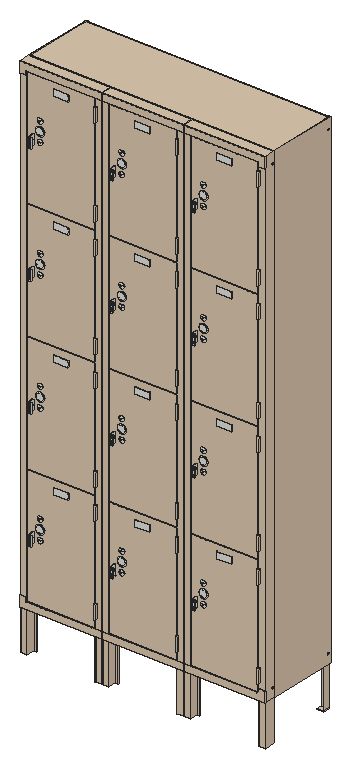
Revit family "Metal_Vented_Lockers-Salsbury_Industries-74000_Series-3_Wide_Units", category Specialty Equipment, Revit 2026
Family settings
  Round Connector Dimension = Use Diameter
  Part Type = Normal
  Classification Number = 23.40.00.00
  Work Plane-Based = No
  Enable Cutting in Views = No
  Always vertical = Yes
  Cut with Voids When Loaded = No
  Maintain Annotation Orientation = No
  Shared = No
  Room Calculation Point = No
Parameters (values of type "74362 - with Standard 6" High Legs")
  Zee Base Corner - Right Side [instance] = Metal Locker Zee Base Corner : None
  Zee Base Corner - Left Side [instance] = Metal Locker Zee Base Corner : None
  Zee Base - Right Side [instance] = Metal Locker Zee Base-Right Side : None
  Zee Base - Left Side [instance] = Metal Locker Zee Base-Left Side : None
  Zee Base = Metal Locker Zee Base - 3 Wide : None
  Width = 36.040"
  Version = "2.0 (01/30/18)"
  Vent Offset = if(Depth = 12.010", 3.250", if(Depth = 15.010", 3.500", if(Depth = 18.010", 3.750", 0.000")))  # 3.250"
  Vent Configuration Height = Vents : 6 foot high vents
  Vent Array Spacing = 1.187"
  Vent Array 2 = if(Depth = 12.010", 5, if(Depth = 15.010", 7, if(Depth = 18.010", 9, 0)))  # 5
  Vent Array 1 = Vent Array 2 + 1  # 6
  Unit Height including Sloping Hood Only [instance] = 78.625"
  Unit Height = 72.000"
  URL = "www.lockers.com"
  Type Comments = "12\" Wide Vented Metal Locker - Four Tier"
  Total Door(s) Height [instance] = 69.81949"
  Test Data = "https://www.lockers.com/videolibrary/"
  Specification = "https://www.lockers.com/architect-resources//"
  Sloping Top In-Line Filler - Right Side [instance] = Metal Locker Sloping Top Filler : None
  Sloping Top In-Line Filler - Left Side [instance] = Metal Locker Sloping Top Filler : None
  Sloping Top Corner Filler - Right Side [instance] = Metal Locker Sloping Corner Filler : None
  Sloping Top Corner Filler - Left Side [instance] = Metal Locker Sloping Corner Filler : None
  Sloping Hood Height = if(Depth = 12.010", 6.625", if(Depth = 15.010", 8.682", if(Depth = 18.010", 10.739", 0.000")))  # 6.625"
  Sloping Hood [instance] = Metal Locker Sloping Hood : None
  Sales Information = "https://www.lockers.com/request_a_quote/"
  Revision = "R1_2018-10"
  Product Data = "https://www.lockers.com/downloads__catalog/"
  Manufacturer Website = "https://www.lockers.com/"
  Manufacturer Phone - Toll Free = "1-800-562-5377"
  Manufacturer Phone = "(323) 846-6700"
  Manufacturer Fax = "1-800-562-5399"
  Manufacturer Address = "1010 East 62nd Street, Los Angeles, CA 90001-1598"
  Keynote = "10 51 00"
  Installation-Fabrication = "https://www.lockers.com/downloads__installation_instructions/"
  Green Building-LEED = "https://www.arcat.com/green/green_building.shtml"
  Drawn By = ""
  Default Elevation = 0.000"
  Copyright = ""
  Construction Details = "https://www.lockers.com/downloads__catalog/"
  Compartment Divider Height = Individual Door Height - 0.375"  # 16.985"
  Right Side Base [instance] = Metal Locker Right Side Base : None
  Primary Structure Material [instance] = Steel - Salsbury Finish = Tan
  Overall Width including Rivets [instance] = 36.120"
  Unit Height including Base Only [instance] = 78.000"
  Overall Unit Height (including Base and Sloping Hood) [instance] = 84.625"
  OmniClass 23 Title = "Equipment and Furnishings"
  OmniClass 23 Number = "23.40.00.00"
  Model = "74362"
  MasterFormat Title = "Lockers"
  MasterFormat Number = "10 51 13"
  Manufacturer = "Salsbury Industries"
  Left Side Base [instance] = Metal Locker Left Side Base : None
  Individual Door Height = 17.360"
  Hasp Plate Rivet Material = Steel -Salsbury Finish =  Polished Steel
  Hasp Handle Material = Plastic - Salsbury Finish - Black
  Front Vertical Filler - Right [instance] = Metal Locker Front Filler : None
  Front Vertical Filler - Left [instance] = Metal Locker Front Filler : None
  Front Base [instance] = Metal Locker Front Base : None
  Flat Top In-Line Filler - Right Side [instance] = Metal Locker Flat Top Filler : None
  Flat Top In-Line Filler - Left Side [instance] = Metal Locker Flat Top Filler : None
  Flat Top Corner Filler - Right Side [instance] = Metal Locker Flat Corner Filler : None
  Flat Top Corner Filler - Left Side [instance] = Metal Locker Flat Corner Filler : None
  Individual Door Width [instance] = 33.90055"
  End Panel - Right Side [instance] = Metal Locker End Panel : None
  End Panel - Left Side [instance] = Metal Locker End Panel : None
  Door Location D1 = Vented Metal Locker Doors-12 inch with Latch Hasps : Four Tier Door - 6 foot
  Description = "3 Wide - 6 Feet High - 12 Inches Deep"
  Depth = 12.010"
  Category = ""
  Building Codes = "https://www.lockers.com/downloads__forms_and_information/"
  Base Height = 6.000"
  Standard Leg Base = Metal Locker Legs - 3 Wide : 6" High - 36" W x 12" D
  Assembly Code = "C1030310"
Reference planes (in)
  plane 1 "Center (Front/Back)": y = 0
  plane 2: z = 0
  plane 3 "Center (Left/Right)": x = 0
  plane 4 "Floor": z = 0
  plane 5 "Bottom of Unit": z = 6
  plane 6 "Top of Unit": z = 78
  plane 7 "Left Side of Unit": x = -18.02
  plane 8 "Right Side of Unit": x = 18.02
  plane 9 "Back of Unit": y = 6.005
  plane 10 "Front of Unit": y = -6.005
  plane 11 "Top of Sloping Hood": z = 84.625
  plane 12 "Left Rivet": x = -18.06
  plane 13 "Right Rivet": x = 18.06
  plane 14 "Right Side of Door Opening": x = 17.02
  plane 15 "Left Side of Door Opening": x = -17.02
  plane 16 "Top of Door Opening": z = 77
  plane 17 "Bottom of Door Opening": z = 7
  plane 18 "Back Edge of Front Facing": y = -4.417
  plane 19 "Front Plate Plane": y = -6.065
  plane 20 "Horizontal Center of Top Rivets": z = 76.5
  plane 21 "Horiz Center of Bottom Rivets": z = 7.5
  plane 22 "Vertical Center of Back Rivets": y = 5.505
  plane 23 "Vertical Center of Front Rivets": y = -4.755
  plane 24 "Right Align Top Filler Overlap": x = 17.435
  plane 25 "Left Align Top Filler Overlap": x = -17.435
  plane 26 "Corner Filler Align-Left": x = -18.08
  plane 27 "Corner Filler Align-Right": x = 18.08
  plane 28 "Right Side of Door": x = 16.95026
  plane 29 "Top of Door 1": z = 76.90976
  plane 30 "Bottom of Bottom Door": z = 7.09027
  plane 31 "Zee Base Offset": x = -17.669
  plane 32: x = 17.669
  plane 33 "Compartment Align 3": z = 24.985
  plane 34: x = -17.96
  plane 35: x = 17.96
  plane 36: x = -17.635
  plane 37: x = 17.635
  plane 38: y = 5.945
  plane 39: y = 5.895
  plane 40: y = 5.145
  plane 41: x = -17.9
  plane 42: x = 17.9
  plane 43: x = -17.095
  plane 44: x = 17.095
  plane 45: z = 77.94
  plane 46: z = 24.925
  plane 47: z = 23.985
  plane 48: z = 6.9204
  plane 49: z = 6.18539
  plane 50: z = 76.40796
  plane 51: z = 7.59204
  plane 52 "Right Side of Center Unit": x = 6.00667
  plane 53 "Left Side of Center Unit": x = -6.00667
  plane 54: x = 6.98167
  plane 55 "Left Side of Door Opening-Right Door": x = 7.00667
  plane 56: x = 5.03167
  plane 57 "Right Side of Door Opening-Center Door": x = 5.00667
  plane 58 "Right Side of Door - Center Door": x = 4.93667
  plane 59: x = -5.03167
  plane 60 "Left Side of Door Opening - Center Door": x = -5.00667
  plane 61: x = -6.98167
  plane 62 "Right Side of Door Opening - Left Door": x = -7.00667
  plane 63 "Right Side of Door - Left Door": x = -7.07667
  plane 64: z = 23.985
  plane 65 "Top of Door Row 3": z = 24.45027
  plane 66 "Bottom of Door Row 2": z = 24.57576
  plane 67 "Top of Door Row 2": z = 41.93576
  plane 68: z = 42.06276
  plane 69 "Compartment Align 2": z = 42.43527
  plane 70: z = 42.37527
  plane 71: z = 41.43527
  plane 72: z = 53.22076
  plane 73: z = 59.42276
  plane 74: z = 59.54976
  plane 75: z = 58.92076
  plane 76: z = 59.86076
  plane 77 "Compartment Align 1": z = 59.92076
  plane 78: z = 70.70625
  plane 79 "Front Vent Align": y = -2.755
  plane 80: y = -2.385
  plane 81: y = -1.791
  plane 82 "Top Vent Align": z = 73.562
  plane 83: z = 72.81
  plane 84: z = 71.97
Forms (in)
  Sweep 1, solid, material "Steel - Salsbury Finish = Tan" <- "Primary Structure Material"
    path origin (0, -6.005, 0) x (1, 0, 0) y (0, 0, 1)
      loop
        line (6.00667, 78) -> (6.00667, 6) -> (18.02, 6) -> (18.02, 78) -> (6.00667, 78)
    profile origin (12.01333, -6.005, 78) x (0, 0, 1) y (0, -1, 0)
      loop
        line (0, 0) -> (-1, 0) -> (-1, -1.588) -> (0, -1.588) -> (0, 0)
  Extrusion 2, solid, material "Steel - Salsbury Finish = Tan" <- "Primary Structure Material"
    sketch origin (0, 0, 6) x (0, -1, 0) y (1, 0, 0)
      loop
        line (4.417, 18.02) -> (-6.005, 18.02) -> (-6.005, 17.635) -> (-5.945, 17.635) -> (-5.945, 17.96) -> (4.417, 17.96) -> (4.417, 18.02)
    from 0 to 72
  Extrusion 3, solid, material "Steel - Salsbury Finish = Tan" <- "Primary Structure Material"
    sketch origin (0, 0, 6) x (0, -1, 0) y (1, 0, 0)
      loop
        line (4.417, -18.02) -> (4.417, -17.96) -> (-5.945, -17.96) -> (-5.945, -17.635) -> (-6.005, -17.635) -> (-6.005, -18.02) -> (4.417, -18.02)
    from 0 to 72
  Extrusion 4, solid, material "Steel - Salsbury Finish = Tan" <- "Primary Structure Material"
    sketch origin (0, 0, 6) x (0, -1, 0) y (1, 0, 0)
      loop
        line (-5.945, -17.96) -> (-5.145, -17.96) -> (-5.145, -17.9) -> (-5.895, -17.9) -> (-5.895, 17.9) -> (-5.145, 17.9) -> (-5.145, 17.96) -> (-5.945, 17.96) -> (-5.945, -17.96)
    from 0 to 72
  Sweep 5, solid, material "Steel - Salsbury Finish = Tan" <- "Primary Structure Material"
    path origin (0, 0, 7) x (0, -1, 0) y (1, 0, 0)
      loop
        line (4.417, -17.96) -> (4.417, 17.96) -> (-5.145, 17.96) -> (-5.145, 17.9) -> (-5.895, 17.9) -> (-5.895, -17.9) -> (-5.145, -17.9) -> (-5.145, -17.96) -> (4.417, -17.96)
    profile origin (-17.96, 0.364, 7) x (-1, 0, 0) y (0, 0, 1)
      loop
        line (0, -0.81461) -> (0, -0.0796) -> (-0.06, -0.0796) -> (-0.06, -0.81461) -> (0, -0.81461)
  Extrusion 6, solid, material "Steel - Salsbury Finish = Tan" <- "Primary Structure Material"
    sketch origin (0, 0, 7) x (0, -1, 0) y (1, 0, 0)
      loop
        line (-5.895, -17.9) -> (-5.145, -17.9) -> (-5.145, -17.96) -> (4.417, -17.96) -> (4.417, 17.96) -> (-5.145, 17.96) -> (-5.145, 17.9) -> (-5.895, 17.9) -> (-5.895, -17.9)
    from -0.0796 to 0
  Extrusion 7, solid, material "Steel - Salsbury Finish = Tan" <- "Primary Structure Material"
    sketch origin (0, 0, 78) x (0, -1, 0) y (1, 0, 0)
      loop
        line (-5.895, -17.9) -> (-5.145, -17.9) -> (-5.145, -17.96) -> (4.417, -17.96) -> (4.417, 17.96) -> (-5.145, 17.96) -> (-5.145, 17.9) -> (-5.895, 17.9) -> (-5.895, -17.9)
    from -0.06 to 0
  Extrusion 8, solid, material "Steel - Salsbury Finish = Tan" <- "Primary Structure Material"
    sketch origin (0, -6.065, 0) x (0, 0, -1) y (1, 0, 0)
      loop
        line (-78, -18.02) -> (-76.47656, -18.02)
        arc (-76.47656, -18.02) -> (-76.42806, -17.99991) -> (-76.40796, -17.9514) r 0.0686
        line (-76.40796, -17.9514) -> (-76.40796, -17.16351)
        arc (-76.40796, -17.16351) -> (-76.42809, -17.11506) -> (-76.47656, -17.095) r 0.0686
        line (-76.47656, -17.095) -> (-77, -17.095) -> (-77, 17.095) -> (-76.47656, 17.095)
        arc (-76.47656, 17.095) -> (-76.42809, 17.11506) -> (-76.40796, 17.16351) r 0.0686
        line (-76.40796, 17.16351) -> (-76.40796, 17.9514)
        arc (-76.40796, 17.9514) -> (-76.42806, 17.99991) -> (-76.47656, 18.02) r 0.0686
        line (-76.47656, 18.02) -> (-78, 18.02) -> (-78, -18.02)
    from -0.06 to 0
  Extrusion 9, solid, material "Steel - Salsbury Finish = Tan" <- "Primary Structure Material"
    sketch origin (0, -6.065, 84) x (0, 0, 1) y (-1, 0, 0)
      loop
        line (-78, 18.02) -> (-78, -18.02) -> (-76.47656, -18.02)
        arc (-76.47656, -18.02) -> (-76.42806, -17.99991) -> (-76.40796, -17.9514) r 0.0686
        line (-76.40796, -17.9514) -> (-76.40796, -17.16351)
        arc (-76.40796, -17.16351) -> (-76.42809, -17.11506) -> (-76.47656, -17.095) r 0.0686
        line (-76.47656, -17.095) -> (-77, -17.095) -> (-77, 17.095) -> (-76.47656, 17.095)
        arc (-76.47656, 17.095) -> (-76.42809, 17.11506) -> (-76.40796, 17.16351) r 0.0686
        line (-76.40796, 17.16351) -> (-76.40796, 17.9514)
        arc (-76.40796, 17.9514) -> (-76.42806, 17.99991) -> (-76.47656, 18.02) r 0.0686
        line (-76.47656, 18.02) -> (-78, 18.02)
    from -0.06 to 0
  Blend 10, solid, material "Steel -Salsbury Finish =  Polished Steel" <- "Hasp Plate Rivet Material"
    base sketch origin (18.02, 0, 0) x (0, 0, -1) y (0, -1, 0)
      loop
        circle (-76.5, 4.755) r 0.187
    top sketch origin (18.02, 0, 0) x (0, 0, -1) y (0, -1, 0)
      loop
        circle (-76.5, 4.755) r 0.05319
    from 0 to -0.04
  Blend 11, solid, material "Steel -Salsbury Finish =  Polished Steel" <- "Hasp Plate Rivet Material"
    base sketch origin (18.02, 0, -69) x (0, 0, -1) y (0, -1, 0)
      loop
        circle (-76.5, 4.755) r 0.187
    top sketch origin (18.02, 0, -69) x (0, 0, -1) y (0, -1, 0)
      loop
        circle (-76.5, 4.755) r 0.05319
    from 0 to -0.04
  Blend 12, solid, material "Steel -Salsbury Finish =  Polished Steel" <- "Hasp Plate Rivet Material"
    base sketch origin (18.02, 10.26, -69) x (0, 0, -1) y (0, -1, 0)
      loop
        circle (-76.5, 4.755) r 0.187
    top sketch origin (18.02, 10.26, -69) x (0, 0, -1) y (0, -1, 0)
      loop
        circle (-76.5, 4.755) r 0.05319
    from 0 to -0.04
  Blend 13, solid, material "Steel -Salsbury Finish =  Polished Steel" <- "Hasp Plate Rivet Material"
    base sketch origin (18.02, 10.26, 0.0043) x (0, 0, -1) y (0, -1, 0)
      loop
        circle (-76.5, 4.755) r 0.187
    top sketch origin (18.02, 10.26, 0.0043) x (0, 0, -1) y (0, -1, 0)
      loop
        circle (-76.5, 4.755) r 0.05319
    from 0 to -0.04
  Blend 14, solid, material "Steel -Salsbury Finish =  Polished Steel" <- "Hasp Plate Rivet Material"
    base sketch origin (-6.02, 0, -69) x (0, 0, -1) y (0, 1, 0)
      loop
        circle (-76.5, -4.755) r 0.187
    top sketch origin (-6.02, 0, -69) x (0, 0, -1) y (0, 1, 0)
      loop
        circle (-76.5, -4.755) r 0.05319
    from -12 to -12.04
  Blend 15, solid, material "Steel -Salsbury Finish =  Polished Steel" <- "Hasp Plate Rivet Material"
    base sketch origin (-6.02, 10.26, -69) x (0, 0, -1) y (0, 1, 0)
      loop
        circle (-76.5, -4.755) r 0.187
    top sketch origin (-6.02, 10.26, -69) x (0, 0, -1) y (0, 1, 0)
      loop
        circle (-76.5, -4.755) r 0.05319
    from -12 to -12.04
  Blend 16, solid, material "Steel -Salsbury Finish =  Polished Steel" <- "Hasp Plate Rivet Material"
    base sketch origin (-6.02, 0, 0) x (0, 0, -1) y (0, 1, 0)
      loop
        circle (-76.5, -4.755) r 0.187
    top sketch origin (-6.02, 0, 0) x (0, 0, -1) y (0, 1, 0)
      loop
        circle (-76.5, -4.755) r 0.05319
    from -12 to -12.04
  Blend 17, solid, material "Steel -Salsbury Finish =  Polished Steel" <- "Hasp Plate Rivet Material"
    base sketch origin (-6.02, 10.26, 0.00039) x (0, 0, -1) y (0, 1, 0)
      loop
        circle (-76.5, -4.755) r 0.187
    top sketch origin (-6.02, 10.26, 0.00039) x (0, 0, -1) y (0, 1, 0)
      loop
        circle (-76.5, -4.755) r 0.05319
    from -12 to -12.04
  Extrusion 18, solid, material "Steel - Salsbury Finish = Tan" <- "Primary Structure Material"
    sketch origin (0, 0, 24.985) x (0, -1, 0) y (1, 0, 0)
      loop
        line (-5.895, -17.9) -> (-5.145, -17.9) -> (-5.145, -17.96) -> (4.417, -17.96) -> (4.417, 17.96) -> (-5.145, 17.96) -> (-5.145, 17.9) -> (-5.895, 17.9) -> (-5.895, -17.9)
    from -0.06 to 0
  Sweep 19, solid, material "Steel - Salsbury Finish = Tan" <- "Primary Structure Material"
    path origin (0, 0, 24.985) x (0, -1, 0) y (1, 0, 0)
      loop
        line (4.417, -17.96) -> (4.417, 17.96) -> (-5.145, 17.96) -> (-5.145, 17.9) -> (-5.895, 17.9) -> (-5.895, -17.9) -> (-5.145, -17.9) -> (-5.145, -17.96) -> (4.417, -17.96)
    profile origin (-17.96, 0.364, 24.985) x (-1, 0, 0) y (0, 0, 1)
      loop
        line (0, -1) -> (0, -0.06) -> (-0.06, -0.06) -> (-0.06, -1) -> (0, -1)
  Sweep 20, solid, material "Steel - Salsbury Finish = Tan" <- "Primary Structure Material"
    path origin (-12.01333, -6.005, 0) x (1, 0, 0) y (0, 0, 1)
      loop
        line (6.00667, 78) -> (6.00667, 6) -> (18.02, 6) -> (18.02, 78) -> (6.00667, 78)
    profile origin (0, -6.005, 78) x (0, 0, 1) y (0, -1, 0)
      loop
        line (0, 0) -> (-1, 0) -> (-1, -1.588) -> (0, -1.588) -> (0, 0)
  Sweep 21, solid, material "Steel - Salsbury Finish = Tan" <- "Primary Structure Material"
    path origin (-24.02667, -6.005, 0) x (1, 0, 0) y (0, 0, 1)
      loop
        line (6.00667, 78) -> (6.00667, 6) -> (18.02, 6) -> (18.02, 78) -> (6.00667, 78)
    profile origin (-12.01333, -6.005, 78) x (0, 0, 1) y (0, -1, 0)
      loop
        line (0, 0) -> (-1, 0) -> (-1, -1.588) -> (0, -1.588) -> (0, 0)
  Extrusion 22, solid, material "Steel - Salsbury Finish = Tan" <- "Primary Structure Material"
    sketch origin (0, 0, 42.43527) x (0, -1, 0) y (1, 0, 0)
      loop
        line (-5.945, -17.9) -> (-5.145, -17.9) -> (-5.145, -17.96) -> (4.417, -17.96) -> (4.417, 17.96) -> (-5.145, 17.96) -> (-5.145, 17.9) -> (-5.945, 17.9) -> (-5.945, -17.9)
    from -0.06 to 0
  Sweep 23, solid, material "Steel - Salsbury Finish = Tan" <- "Primary Structure Material"
    path origin (0, 0, 42.43527) x (0, -1, 0) y (1, 0, 0)
      loop
        line (4.417, -17.96) -> (4.417, 17.96) -> (-5.145, 17.96) -> (-5.145, 17.9) -> (-5.945, 17.9) -> (-5.945, -17.9) -> (-5.145, -17.9) -> (-5.145, -17.96) -> (4.417, -17.96)
    profile origin (-17.96, 0.364, 42.43527) x (-1, 0, 0) y (0, 0, 1)
      loop
        line (0, -1) -> (0, -0.06) -> (-0.06, -0.06) -> (-0.06, -1) -> (0, -1)
  Extrusion 24, solid, material "Steel - Salsbury Finish = Tan" <- "Primary Structure Material"
    sketch origin (0, 0, 59.92076) x (0, -1, 0) y (1, 0, 0)
      loop
        line (-5.945, -17.9) -> (-5.145, -17.9) -> (-5.145, -17.96) -> (4.417, -17.96) -> (4.417, 17.96) -> (-5.145, 17.96) -> (-5.145, 17.9) -> (-5.945, 17.9) -> (-5.945, -17.9)
    from -0.06 to 0
  Sweep 25, solid, material "Steel - Salsbury Finish = Tan" <- "Primary Structure Material"
    path origin (0, 0, 59.92076) x (0, -1, 0) y (1, 0, 0)
      loop
        line (4.417, -17.96) -> (4.417, 17.96) -> (-5.145, 17.96) -> (-5.145, 17.9) -> (-5.945, 17.9) -> (-5.945, -17.9) -> (-5.145, -17.9) -> (-5.145, -17.96) -> (4.417, -17.96)
    profile origin (-17.96, 0.364, 59.92076) x (-1, 0, 0) y (0, 0, 1)
      loop
        line (0, -1) -> (0, -0.06) -> (-0.06, -0.06) -> (-0.06, -1) -> (0, -1)
Lines and regions (in)
  reference lines
    curve 1: line (-41.59242, -6.065, 78) -> (48.15758, -6.065, 78)
  symbolic lines
    curve 2: line (-18.02, 6.005, 78) -> (18.02, 6.005, 78)
    curve 3: line (-18.02, -6.065, 78) -> (-18.02, 6.005, 78)
    curve 4: line (18.02, -6.065, 78) -> (-18.02, -6.065, 78)
    curve 5: line (18.02, 6.005, 78) -> (18.02, -6.065, 78)
    curve 6: line (-18.06, -4.80819, 78) -> (-18.02, -4.91809, 78)
    curve 7: line (-18.02, -4.58043, 78) -> (-18.06, -4.70181, 78)
    curve 8: line (-18.06, -4.80819, 78) -> (-18.06, -4.70181, 78)
    curve 9: line (-18.06, 5.45181, 78) -> (-18.02, 5.31077, 78)
    curve 10: line (-18.06, 5.55819, 78) -> (-18.02, 5.68474, 78)
    curve 11: line (-18.06, 5.55819, 78) -> (-18.06, 5.45181, 78)
    curve 12: line (18.06, 5.55819, 78) -> (18.02, 5.70747, 78)
    curve 13: line (18.06, 5.45181, 78) -> (18.02, 5.3179, 78)
    curve 14: line (18.06, 5.55819, 78) -> (18.06, 5.45181, 78)
    curve 15: line (18.06, -4.70181, 78) -> (18.02, -4.57098, 78)
    curve 16: line (18.06, -4.80819, 78) -> (18.02, -4.94769, 78)
    curve 17: line (18.06, -4.70181, 78) -> (18.06, -4.80819, 78)
  model lines
    curve 18: line (6.00667, 6.005, 6) -> (6.00667, 6.005, 78)
    curve 19: line (-6.00667, 6.005, 6) -> (-6.00667, 6.005, 78)
    curve 20: line (-6.00667, 5.945, 78) -> (-6.00667, -6.065, 78)
    curve 21: line (6.00667, 5.945, 78) -> (6.00667, -6.065, 78)
Dimensions and locks (in)
  equal spacing: plane 7 "Left Side of Unit", plane 53 "Left Side of Center Unit", plane 52 "Right Side of Center Unit", plane 8 "Right Side of Unit"
  "Width": plane 7 "Left Side of Unit" to plane 8 "Right Side of Unit"
  "Base Height": plane 5 "Bottom of Unit" to plane 4 "Floor"
  "Unit Height": plane 6 "Top of Unit" to plane 5 "Bottom of Unit"
  "Unit Height including Base Only": plane 6 "Top of Unit" to plane 4 "Floor"
  equal spacing: plane 10 "Front of Unit", plane 1 "Center (Front/Back)", plane 9 "Back of Unit"
  "Depth": plane 10 "Front of Unit" to plane 9 "Back of Unit"
  "Sloping Hood Height": plane 11 "Top of Sloping Hood" to plane 6 "Top of Unit"
  "Overall Unit Height (including Base and Sloping Hood)": plane 11 "Top of Sloping Hood" to plane 4 "Floor"
  locked: plane 12 "Left Rivet" to plane 7 "Left Side of Unit" at 0.04
  locked: plane 8 "Right Side of Unit" to plane 13 "Right Rivet" at 0.04
  "Overall Width including Rivets": plane 12 "Left Rivet" to plane 13 "Right Rivet"
  plane 6 "Top of Unit" to plane 16 "Top of Door Opening" to plane 29 "Top of Door 1" to plane 50 = 1.000" locked, 0.09024", 0.5018"
  plane 51 to plane 30 "Bottom of Bottom Door" to plane 17 "Bottom of Door Opening" to plane 5 "Bottom of Unit" = 0.50177", 0.09027", 1.000" locked
  locked: plane 7 "Left Side of Unit" to plane 15 "Left Side of Door Opening" at 1
  plane 28 "Right Side of Door" to plane 14 "Right Side of Door Opening" to plane 8 "Right Side of Unit" = 0.06974", 1.000" locked
  plane 19 "Front Plate Plane" to plane 10 "Front of Unit" to plane 18 "Back Edge of Front Facing" = 0.060" locked, 1.588" locked
  "Unit Height including Sloping Hood Only": plane 11 "Top of Sloping Hood" to plane 5 "Bottom of Unit"
  locked: plane 20 "Horizontal Center of Top Rivets" to plane 6 "Top of Unit" at 1.5
  locked: plane 5 "Bottom of Unit" to plane 21 "Horiz Center of Bottom Rivets" at 1.5
  locked: plane 22 "Vertical Center of Back Rivets" to plane 9 "Back of Unit" at 0.5
  locked: plane 10 "Front of Unit" to plane 23 "Vertical Center of Front Rivets" at 1.25
  locked: plane 24 "Right Align Top Filler Overlap" to plane 13 "Right Rivet" at 0.625
  locked: plane 12 "Left Rivet" to plane 25 "Left Align Top Filler Overlap" at 0.625
  locked: plane 8 "Right Side of Unit" to plane 27 "Corner Filler Align-Right" at 0.06
  locked: plane 26 "Corner Filler Align-Left" to plane 7 "Left Side of Unit" at 0.06
  "Total Door(s) Height": plane 29 "Top of Door 1" to plane 30 "Bottom of Bottom Door"
  plane 7 "Left Side of Unit" to plane 31 "Zee Base Offset" = 0.351"
  plane 32 to plane 8 "Right Side of Unit" = 0.351"
  plane 33 "Compartment Align 3" to plane 46 to plane 64 = 0.060" locked, 0.940" locked
  plane 7 "Left Side of Unit" to plane 34 to plane 41 to plane 36 = 0.060" locked, 0.060" locked, 0.265" locked
  plane 37 to plane 42 to plane 35 to plane 8 "Right Side of Unit" = 0.265" locked, 0.060", 0.060"
  plane 40 to plane 39 to plane 38 to plane 9 "Back of Unit" = 0.750" locked, 0.050", 0.060"
  locked: plane 7 "Left Side of Unit" to plane 43 at 0.925
  locked: plane 44 to plane 8 "Right Side of Unit" at 0.925
  locked: plane 6 "Top of Unit" to plane 45 at 0.06
  plane 46 to plane 47 = 0.940"
  locked: plane 17 "Bottom of Door Opening" to plane 48 at 0.0796
  plane 48 to plane 49 = 0.73501"
  plane 58 "Right Side of Door - Center Door" to plane 57 "Right Side of Door Opening-Center Door" to plane 56 to plane 52 "Right Side of Center Unit" to plane 54 to plane 55 "Left Side of Door Opening-Right Door" = 0.070", 0.025", 0.975", 0.975", 0.025"
  plane 63 "Right Side of Door - Left Door" to plane 62 "Right Side of Door Opening - Left Door" to plane 61 to plane 53 "Left Side of Center Unit" to plane 59 to plane 60 "Left Side of Door Opening - Center Door" = 0.070", 0.025", 0.975", 0.975", 0.025"
  "Individual Door Height": plane 65 "Top of Door Row 3" to plane 30 "Bottom of Bottom Door"
  "Compartment Divider Height": plane 64 to plane 17 "Bottom of Door Opening"
  locked: plane 66 "Bottom of Door Row 2" to plane 65 "Top of Door Row 3" at 0.12549
  "Individual Door Height": plane 67 "Top of Door Row 2" to plane 66 "Bottom of Door Row 2"
  locked: plane 68 to plane 67 "Top of Door Row 2" at 0.127
  plane 69 "Compartment Align 2" to plane 70 to plane 71 = 0.060" locked, 0.940" locked
  "Compartment Divider Height": plane 71 to plane 65 "Top of Door Row 3"
  "Individual Door Height": plane 73 to plane 68
  locked: plane 74 to plane 73 at 0.127
  "Compartment Divider Height": plane 75 to plane 67 "Top of Door Row 2"
  plane 77 "Compartment Align 1" to plane 76 to plane 75 = 0.060" locked, 0.940" locked
  "Vent Offset": plane 10 "Front of Unit" to plane 79 "Front Vent Align"
  plane 79 "Front Vent Align" to plane 80 to plane 81 = 0.370" locked, 0.594" locked
  plane 82 "Top Vent Align" to plane 6 "Top of Unit" = 4.438"
  plane 84 to plane 83 to plane 82 "Top Vent Align" = 0.840", 0.752"
  equal spacing: group 1, group 2, group 3, group 4, group 5, group 6  (x3)
  equal spacing: group 7, group 8, group 9, group 10, group 11  (x3)
  "Vent Array Spacing": nested 36 to nested 37
  "Vent Array Spacing": nested 35 to nested 42
  equal spacing: group 12, group 13, group 14, group 15, group 16, group 17  (x3)
  equal spacing: group 18, group 19, group 20, group 21, group 22  (x3)
  "Vent Array Spacing": nested 48 to nested 46
  "Vent Array Spacing": nested 53 to nested 47
  aligned and locked: level to plane 2
  aligned and locked: Extrusion 2 to plane 6 "Top of Unit"
  aligned and locked: Extrusion 3 to plane 6 "Top of Unit"
  aligned and locked: Extrusion 4 to plane 6 "Top of Unit"
  aligned and locked: Extrusion 8 to plane 10 "Front of Unit"
  aligned and locked: Extrusion 9 to plane 10 "Front of Unit"
  aligned and locked: Extrusion 6 to plane 17 "Bottom of Door Opening"
  aligned and locked: plane 4 "Floor" to nested 2
  aligned and locked: plane 5 "Bottom of Unit" to Extrusion 9
  aligned and locked: plane 8 "Right Side of Unit" to nested 6
  aligned and locked: plane 7 "Left Side of Unit" to nested 7
  aligned and locked: Blend 10 to plane 13 "Right Rivet"
  aligned and locked: plane 8 "Right Side of Unit" to Blend 10
  aligned and locked: Blend 15 to plane 7 "Left Side of Unit"
  aligned and locked: Blend 14 to plane 7 "Left Side of Unit"  (x2)
  aligned and locked: plane 12 "Left Rivet" to Blend 14
  aligned and locked: plane 12 "Left Rivet" to Blend 15
  aligned and locked: Blend 14 to plane 12 "Left Rivet"
  aligned and locked: Blend 17 to plane 7 "Left Side of Unit"
  aligned and locked: plane 12 "Left Rivet" to Blend 17
  aligned and locked: Blend 16 to plane 7 "Left Side of Unit"
  aligned and locked: plane 12 "Left Rivet" to Blend 16
  aligned and locked: plane 5 "Bottom of Unit" to nested 10
  aligned and locked: plane 13 "Right Rivet" to nested 10
  aligned and locked: plane 12 "Left Rivet" to nested 11
  aligned and locked: nested 11 to plane 10 "Front of Unit"
  aligned and locked: plane 13 "Right Rivet" to nested 12
  aligned and locked: plane 10 "Front of Unit" to nested 12
  aligned and locked: plane 6 "Top of Unit" to nested 12
  aligned and locked: plane 12 "Left Rivet" to nested 13
  aligned and locked: plane 10 "Front of Unit" to nested 13
  aligned and locked: plane 6 "Top of Unit" to nested 13
  aligned and locked: plane 6 "Top of Unit" to nested 14
  aligned and locked: nested 14 to plane 19 "Front Plate Plane"
  aligned and locked: nested 14 to plane 24 "Right Align Top Filler Overlap"
  aligned and locked: nested 15 to plane 25 "Left Align Top Filler Overlap"
  aligned and locked: nested 15 to plane 19 "Front Plate Plane"
  aligned and locked: nested 10 to nested 15
  aligned and locked: plane 19 "Front Plate Plane" to nested 16
  aligned and locked: plane 6 "Top of Unit" to nested 16
  aligned and locked: nested 17 to plane 6 "Top of Unit"
  aligned and locked: nested 17 to plane 19 "Front Plate Plane"
  aligned and locked: nested 18 to plane 24 "Right Align Top Filler Overlap"
  aligned and locked: nested 18 to plane 19 "Front Plate Plane"
  aligned and locked: plane 16 "Top of Door Opening" to nested 18
  aligned and locked: nested 19 to plane 16 "Top of Door Opening"
  aligned and locked: nested 19 to plane 25 "Left Align Top Filler Overlap"
  aligned and locked: nested 19 to plane 19 "Front Plate Plane"
  aligned and locked: nested 11 to plane 6 "Top of Unit"
  aligned and locked: plane 10 "Front of Unit" to nested 10
  aligned and locked: plane 10 "Front of Unit" to nested 22
  aligned and locked: plane 10 "Front of Unit" to nested 1
  aligned and locked: plane 10 "Front of Unit" to nested 2
  aligned and locked: plane 7 "Left Side of Unit" to nested 17
  aligned and locked: plane 31 "Zee Base Offset" to nested 9
  aligned and locked: plane 18 "Back Edge of Front Facing" to nested 9
  aligned and locked: nested 8 to plane 18 "Back Edge of Front Facing"
  aligned and locked: plane 32 to nested 8
  aligned and locked: nested 21 to curve 1
  aligned and locked: nested 20 to curve 1
  aligned and locked: Sweep 19 sketch curve to Extrusion 18
  aligned and locked: plane 7 "Left Side of Unit" to Extrusion 3
  aligned and locked: Extrusion 3 to plane 9 "Back of Unit"
  aligned and locked: Extrusion 2 to plane 8 "Right Side of Unit"
  aligned and locked: Extrusion 2 to plane 9 "Back of Unit"
  aligned and locked: plane 18 "Back Edge of Front Facing" to Extrusion 3
  aligned and locked: plane 18 "Back Edge of Front Facing" to Extrusion 2
  aligned and locked: plane 34 to Extrusion 3
  aligned and locked: plane 35 to Extrusion 2
  aligned and locked: plane 36 to Extrusion 3
  aligned and locked: plane 37 to Extrusion 2
  aligned and locked: Extrusion 3 to plane 38
  aligned and locked: plane 38 to Extrusion 2
  aligned and locked: Extrusion 4 to plane 38
  aligned and locked: Extrusion 4 to plane 39
  aligned and locked: plane 34 to Extrusion 4
  aligned and locked: plane 40 to Extrusion 4  (x2)
  aligned and locked: plane 41 to Extrusion 4
  aligned and locked: plane 42 to Extrusion 4
  aligned and locked: Extrusion 7 to plane 39
  aligned and locked: plane 41 to Extrusion 7
  aligned and locked: plane 34 to Extrusion 7  (x2)
  aligned and locked: Extrusion 7 to plane 40  (x2)
  aligned and locked: Extrusion 7 to plane 42
  aligned and locked: Extrusion 7 to plane 35  (x2)
  aligned and locked: plane 18 "Back Edge of Front Facing" to Extrusion 7
  aligned and locked: plane 18 "Back Edge of Front Facing" to Extrusion 6
  aligned and locked: Extrusion 6 to plane 39
  aligned and locked: Extrusion 6 to plane 42
  aligned and locked: Extrusion 6 to plane 40  (x2)
  aligned and locked: Extrusion 6 to plane 35
  aligned and locked: plane 41 to Extrusion 6
  aligned and locked: plane 34 to Extrusion 6
  aligned and locked: Sweep 5 to plane 39
  aligned and locked: Sweep 5 to plane 40  (x2)
  aligned and locked: Sweep 5 to plane 42
  aligned and locked: Sweep 5 to plane 35
  aligned and locked: plane 18 "Back Edge of Front Facing" to Sweep 5
  aligned and locked: plane 34 to Sweep 5
  aligned and locked: plane 41 to Sweep 5
  aligned and locked: Sweep 5 sketch curve to plane 41
  aligned and locked: Sweep 5 sketch curve to plane 39
  aligned and locked: plane 40 to Sweep 5 sketch curve  (x2)
  aligned and locked: Sweep 5 sketch curve to plane 34  (x2)
  aligned and locked: plane 42 to Sweep 5 sketch curve
  aligned and locked: plane 35 to Sweep 5 sketch curve
  aligned and locked: Sweep 5 sketch curve to plane 18 "Back Edge of Front Facing"
  aligned and locked: Extrusion 18 to plane 39
  aligned and locked: Extrusion 18 to plane 42
  aligned and locked: Extrusion 18 to plane 40  (x2)
  aligned and locked: Extrusion 18 to plane 35
  aligned and locked: plane 18 "Back Edge of Front Facing" to Extrusion 18
  aligned and locked: plane 34 to Extrusion 18
  aligned and locked: plane 41 to Extrusion 18
  aligned and locked: Sweep 19 sketch curve to plane 39
  aligned and locked: plane 42 to Sweep 19 sketch curve
  aligned and locked: plane 40 to Sweep 19 sketch curve  (x2)
  aligned and locked: plane 35 to Sweep 19 sketch curve
  aligned and locked: Sweep 19 sketch curve to plane 18 "Back Edge of Front Facing"
  aligned and locked: Sweep 19 sketch curve to plane 34  (x2)
  aligned and locked: Sweep 19 sketch curve to plane 41
  aligned and locked: plane 6 "Top of Unit" to Sweep 1 sketch curve  (x2)
  aligned and locked: plane 8 "Right Side of Unit" to Sweep 1 sketch curve
  aligned and locked: Sweep 1 sketch curve to plane 5 "Bottom of Unit"
  aligned and locked: plane 10 "Front of Unit" to Sweep 1
  aligned and locked: Extrusion 8 to plane 19 "Front Plate Plane"
  aligned and locked: plane 10 "Front of Unit" to Extrusion 8
  aligned and locked: Extrusion 8 to plane 8 "Right Side of Unit"
  aligned and locked: plane 7 "Left Side of Unit" to Extrusion 8
  aligned and locked: plane 7 "Left Side of Unit" to Extrusion 9
  aligned and locked: plane 19 "Front Plate Plane" to Extrusion 9
  aligned and locked: Extrusion 9 to plane 8 "Right Side of Unit"
  aligned and locked: plane 43 to Extrusion 9
  aligned and locked: plane 44 to Extrusion 9
  aligned and locked: plane 44 to Extrusion 8
  aligned and locked: Extrusion 8 to plane 43
  aligned and locked: plane 28 "Right Side of Door" to nested 22
  aligned and locked: plane 18 "Back Edge of Front Facing" to Sweep 1 sketch curve
  aligned and locked: Sweep 1 sketch curve to plane 16 "Top of Door Opening"
  aligned and locked: Sweep 1 sketch curve to plane 10 "Front of Unit"
  aligned and locked: plane 5 "Bottom of Unit" to Extrusion 4
  aligned and locked: Extrusion 4 to plane 35
  aligned and locked: plane 5 "Bottom of Unit" to Extrusion 3
  aligned and locked: plane 5 "Bottom of Unit" to Extrusion 2
  aligned and locked: Extrusion 7 to plane 6 "Top of Unit"
  aligned and locked: plane 45 to Extrusion 7
  aligned and locked: Extrusion 18 to plane 33 "Compartment Align 3"
  aligned and locked: Extrusion 18 to plane 46
  aligned and locked: plane 41 to Sweep 19 sketch curve
  aligned and locked: plane 47 to Sweep 19 sketch curve
  aligned and locked: Extrusion 6 to plane 48
  aligned and locked: Sweep 5 to plane 48
  aligned and locked: Sweep 5 sketch curve to plane 49
  aligned and locked: Sweep 5 sketch curve to plane 48
  aligned and locked: plane 41 to Sweep 5 sketch curve
  aligned and locked: plane 50 to Extrusion 8
  aligned and locked: Extrusion 8 to plane 50
  aligned and locked: Extrusion 8 to plane 6 "Top of Unit"
  aligned and locked: plane 16 "Top of Door Opening" to Extrusion 8
  aligned and locked: Extrusion 9 to plane 17 "Bottom of Door Opening"
  aligned and locked: plane 51 to Extrusion 9  (x2)
  aligned and locked: plane 4 "Floor" to nested 1
  aligned and locked: Blend 12 to plane 13 "Right Rivet"
  aligned and locked: plane 8 "Right Side of Unit" to Blend 12
  aligned and locked: plane 8 "Right Side of Unit" to Blend 13
  aligned and locked: Blend 13 to plane 13 "Right Rivet"
  aligned and locked: plane 8 "Right Side of Unit" to Blend 11
  aligned and locked: Blend 11 to plane 13 "Right Rivet"
  aligned and locked: nested 21 to curve 3
  aligned and locked: curve 4 to Extrusion 8
  aligned and locked: curve 5 to Extrusion 8
  aligned and locked: curve 8 to Blend 14
  aligned and locked: curve 11 to Blend 15
  aligned and locked: curve 14 to Blend 12
  aligned and locked: curve 17 to Blend 10
  aligned and locked: plane 8 "Right Side of Unit" to nested 20
  aligned and locked: plane 7 "Left Side of Unit" to nested 21
  aligned and locked: Sweep 1 sketch curve to plane 52 "Right Side of Center Unit"
  aligned and locked: plane 6 "Top of Unit" to Sweep 20 sketch curve
  aligned and locked: Sweep 20 sketch curve to plane 5 "Bottom of Unit"
  aligned and locked: Sweep 21 sketch curve to plane 5 "Bottom of Unit"
  aligned and locked: plane 53 "Left Side of Center Unit" to Sweep 21 sketch curve
  aligned and locked: Sweep 21 sketch curve to plane 7 "Left Side of Unit"
  aligned and locked: plane 6 "Top of Unit" to Sweep 21 sketch curve
  aligned and locked: Sweep 20 sketch curve to plane 53 "Left Side of Center Unit"
  aligned and locked: plane 52 "Right Side of Center Unit" to Sweep 20 sketch curve
  aligned and locked: plane 10 "Front of Unit" to nested 24
  aligned and locked: plane 18 "Back Edge of Front Facing" to Sweep 20 sketch curve
  aligned and locked: Sweep 20 sketch curve to plane 16 "Top of Door Opening"
  aligned and locked: profile plane to Sweep 20 sketch curve
  aligned and locked: Sweep 20 sketch curve to profile plane
  aligned and locked: profile plane to Sweep 21 sketch curve
  aligned and locked: plane 18 "Back Edge of Front Facing" to Sweep 21 sketch curve
  aligned and locked: Sweep 21 sketch curve to plane 16 "Top of Door Opening"
  aligned and locked: Sweep 21 sketch curve to profile plane
  aligned and locked: plane 58 "Right Side of Door - Center Door" to nested 23
  aligned and locked: plane 63 "Right Side of Door - Left Door" to nested 24
  aligned and locked: nested 23 to plane 30 "Bottom of Bottom Door"
  aligned and locked: nested 24 to plane 30 "Bottom of Bottom Door"
  aligned and locked: plane 4 "Floor" to nested 5
  aligned and locked: plane 8 "Right Side of Unit" to nested 5
  aligned and locked: plane 9 "Back of Unit" to nested 6
  aligned and locked: plane 9 "Back of Unit" to nested 7
  aligned and locked: plane 52 "Right Side of Center Unit" to curve 18
  aligned and locked: plane 53 "Left Side of Center Unit" to curve 19
  aligned and locked: plane 5 "Bottom of Unit" to curve 19
  aligned and locked: plane 5 "Bottom of Unit" to curve 18
  aligned and locked: plane 6 "Top of Unit" to curve 18
  aligned and locked: plane 6 "Top of Unit" to curve 19
  aligned and locked: curve 20 to Extrusion 4
  aligned and locked: curve 20 to Sweep 21
  aligned and locked: curve 21 to Sweep 20
  aligned and locked: Extrusion 4 to curve 21
  aligned and locked: Extrusion 8 to curve 20
  aligned and locked: plane 6 "Top of Unit" to nested 25
  aligned and locked: plane 19 "Front Plate Plane" to nested 25
  aligned and locked: plane 10 "Front of Unit" to nested 23
  aligned and locked: nested 22 to plane 30 "Bottom of Bottom Door"
  aligned and locked: Sweep 19 to plane 64
  aligned and locked: nested 26 to plane 66 "Bottom of Door Row 2"
  aligned and locked: nested 27 to plane 66 "Bottom of Door Row 2"
  aligned and locked: nested 28 to plane 66 "Bottom of Door Row 2"
  aligned and locked: plane 28 "Right Side of Door" to nested 26
  aligned and locked: plane 58 "Right Side of Door - Center Door" to nested 27
  aligned and locked: plane 63 "Right Side of Door - Left Door" to nested 28
  aligned and locked: plane 10 "Front of Unit" to nested 26
  aligned and locked: plane 10 "Front of Unit" to nested 27
  aligned and locked: plane 10 "Front of Unit" to nested 28
  aligned and locked: plane 68 to nested 29
  aligned and locked: nested 30 to plane 68
  aligned and locked: nested 31 to plane 68
  aligned and locked: Extrusion 22 to Sweep 23 sketch curve
  aligned and locked: plane 70 to Extrusion 22
  aligned and locked: Extrusion 22 to plane 69 "Compartment Align 2"
  aligned and locked: Sweep 23 sketch curve to plane 71
  aligned and locked: plane 28 "Right Side of Door" to nested 29
  aligned and locked: plane 58 "Right Side of Door - Center Door" to nested 30
  aligned and locked: plane 63 "Right Side of Door - Left Door" to nested 31
  aligned and locked: plane 10 "Front of Unit" to nested 29
  aligned and locked: plane 10 "Front of Unit" to nested 30
  aligned and locked: plane 10 "Front of Unit" to nested 31
  aligned and locked: Sweep 23 to Extrusion 22  (x2)
  aligned and locked: plane 18 "Back Edge of Front Facing" to Extrusion 22
  aligned and locked: Extrusion 22 to nested 5  (x2)
  aligned and locked: Extrusion 22 to Sweep 23  (x2)
  aligned and locked: Sweep 23 sketch curve to plane 18 "Back Edge of Front Facing"
  aligned and locked: plane 35 to Sweep 23 sketch curve
  aligned and locked: plane 42 to Sweep 23 sketch curve
  aligned and locked: Sweep 23 sketch curve to plane 34
  aligned and locked: Sweep 23 sketch curve to plane 41
  aligned and locked: Sweep 23 sketch curve to plane 38
  aligned and locked: plane 74 to nested 32
  aligned and locked: nested 33 to plane 74
  aligned and locked: nested 34 to plane 74
  aligned and locked: plane 28 "Right Side of Door" to nested 32
  aligned and locked: plane 58 "Right Side of Door - Center Door" to nested 33
  aligned and locked: plane 63 "Right Side of Door - Left Door" to nested 34
  aligned and locked: plane 10 "Front of Unit" to nested 32
  aligned and locked: plane 10 "Front of Unit" to nested 33
  aligned and locked: plane 10 "Front of Unit" to nested 34
  aligned and locked: Extrusion 24 to Sweep 25 sketch curve
  aligned and locked: Sweep 25 to Extrusion 24  (x2)
  aligned and locked: Extrusion 24 to Sweep 25  (x2)
  aligned and locked: Extrusion 24 to plane 77 "Compartment Align 1"
  aligned and locked: plane 76 to Extrusion 24
  aligned and locked: Extrusion 24 to plane 38
  aligned and locked: plane 18 "Back Edge of Front Facing" to Extrusion 24
  aligned and locked: plane 41 to Extrusion 24
  aligned and locked: Extrusion 24 to plane 42
  aligned and locked: Extrusion 24 to plane 35
  aligned and locked: Sweep 25 sketch curve to plane 34
  aligned and locked: Sweep 25 sketch curve to plane 41
  aligned and locked: Sweep 25 sketch curve to plane 18 "Back Edge of Front Facing"
  aligned and locked: plane 35 to Sweep 25 sketch curve
  aligned and locked: plane 42 to Sweep 25 sketch curve
  aligned and locked: Sweep 25 sketch curve to plane 38
  aligned and locked: Sweep 25 sketch curve to plane 75
  aligned and locked: Extrusion 24 sketch curve to plane 40  (x2)
  aligned and locked: plane 40 to Sweep 25 sketch curve  (x2)
  aligned and locked: Extrusion 22 sketch curve to plane 38
  aligned and locked: Extrusion 22 sketch curve to plane 40  (x2)
  aligned and locked: plane 40 to Sweep 23 sketch curve  (x2)
  aligned and locked: Extrusion 18 sketch curve to plane 39
  aligned and locked: Extrusion 18 sketch curve to plane 40  (x2)
  aligned and locked: plane 9 "Back of Unit" to curve 2
  aligned and locked: nested 36 to plane 8 "Right Side of Unit"
  aligned and locked: nested 35 to plane 8 "Right Side of Unit"
  aligned and locked: plane 84 to nested 36
  aligned and locked: nested 36 to plane 80
  aligned and locked: plane 83 to nested 35
  aligned and locked: nested 35 to plane 81
  aligned and locked: nested 45 to plane 8 "Right Side of Unit"
  aligned and locked: nested 41 to plane 8 "Right Side of Unit"
  aligned and locked: plane 83 to nested 45
  aligned and locked: plane 84 to nested 41
  aligned and locked: nested 47 to plane 7 "Left Side of Unit"
  aligned and locked: nested 46 to plane 7 "Left Side of Unit"
  aligned and locked: nested 46 to plane 84
  aligned and locked: plane 80 to nested 46
  aligned and locked: nested 47 to plane 83
  aligned and locked: plane 81 to nested 47
  aligned and locked: nested 56 to plane 7 "Left Side of Unit"
  aligned and locked: nested 52 to plane 7 "Left Side of Unit"
  aligned and locked: nested 56 to plane 83
  aligned and locked: nested 52 to plane 84
Automatic sketch dimensions
  Extrusion 2 sketch curve to plane 8 "Right Side of Unit" = 0.000"
  plane 9 "Back of Unit" to Extrusion 2 sketch curve = 0.000"
  Extrusion 2 sketch curve to plane 37 = 0.000"
  plane 38 to Extrusion 2 sketch curve = 0.000"
  plane 18 "Back Edge of Front Facing" to Extrusion 2 sketch curve = 0.000"
  Extrusion 2 sketch curve to plane 35 = 0.000"
  Extrusion 3 sketch curve to plane 7 "Left Side of Unit" = 0.000"
  plane 9 "Back of Unit" to Extrusion 3 sketch curve = 0.000"
  Extrusion 3 sketch curve to plane 36 = 0.000"
  Extrusion 3 sketch curve to plane 38 = 0.000"
  plane 18 "Back Edge of Front Facing" to Extrusion 3 sketch curve = 0.000"
  Extrusion 3 sketch curve to plane 34 = 0.000"
  Extrusion 4 sketch curve to plane 34 = 0.000"
  Extrusion 4 sketch curve to plane 38 = 0.000"
  Extrusion 4 sketch curve to plane 39 = 0.000"
  plane 40 to Extrusion 4 sketch curve = 0.000"
  Extrusion 4 sketch curve to plane 40 = 0.000"
  Extrusion 4 sketch curve to plane 41 = 0.000"
  Extrusion 4 sketch curve to plane 42 = 0.000"
  Extrusion 4 sketch curve to plane 35 = 0.000"
  Extrusion 6 sketch curve to plane 39 = 0.000"
  Extrusion 6 sketch curve to plane 34 = 0.000"
  Extrusion 6 sketch curve to plane 40 = 0.000"
  plane 40 to Extrusion 6 sketch curve = 0.000"
  plane 18 "Back Edge of Front Facing" to Extrusion 6 sketch curve = 0.000"
  Extrusion 6 sketch curve to plane 41 = 0.000"
  Extrusion 6 sketch curve to plane 42 = 0.000"
  Extrusion 6 sketch curve to plane 35 = 0.000"
  Extrusion 7 sketch curve to plane 39 = 0.000"
  Extrusion 7 sketch curve to plane 34 = 0.000"
  Extrusion 7 sketch curve to plane 40 = 0.000"
  plane 40 to Extrusion 7 sketch curve = 0.000"
  plane 18 "Back Edge of Front Facing" to Extrusion 7 sketch curve = 0.000"
  Extrusion 7 sketch curve to plane 41 = 0.000"
  Extrusion 7 sketch curve to plane 42 = 0.000"
  Extrusion 7 sketch curve to plane 35 = 0.000"
  Extrusion 8 sketch curve to plane 6 "Top of Unit" = 0.000"
  Extrusion 8 sketch curve to plane 16 "Top of Door Opening" = 0.000"
  plane 43 to Extrusion 8 sketch curve = 0.000"
  plane 7 "Left Side of Unit" to Extrusion 8 sketch curve = 0.000"
  plane 44 to Extrusion 8 sketch curve = 0.000"
  plane 8 "Right Side of Unit" to Extrusion 8 sketch curve = 0.000"
  Extrusion 8 sketch curve to plane 50 = 0.000"  (x2)
  plane 20 "Horizontal Center of Top Rivets" to Extrusion 8 sketch curve = 0.02344"  (x4)
  Extrusion 8 sketch curve to Extrusion 8 sketch curve = 0.0686"
  Extrusion 8 sketch curve to plane 44 = 0.06851"
  Extrusion 9 sketch curve to plane 5 "Bottom of Unit" = 0.000"
  Extrusion 9 sketch curve to plane 17 "Bottom of Door Opening" = 0.000"
  plane 43 to Extrusion 9 sketch curve = 0.000"
  plane 7 "Left Side of Unit" to Extrusion 9 sketch curve = 0.000"
  plane 44 to Extrusion 9 sketch curve = 0.000"
  plane 8 "Right Side of Unit" to Extrusion 9 sketch curve = 0.000"
  Extrusion 9 sketch curve to plane 51 = 0.000"  (x2)
  plane 21 "Horiz Center of Bottom Rivets" to Extrusion 9 sketch curve = 0.02344"  (x4)
  Extrusion 9 sketch curve to Extrusion 9 sketch curve = 0.0686"
  plane 44 to Extrusion 9 sketch curve = 0.06851"
  plane 20 "Horizontal Center of Top Rivets" to Blend 10 sketch curve = 0.000"  (x2)
  Blend 10 sketch curve to plane 23 "Vertical Center of Front Rivets" = 0.000"  (x2)
  plane 21 "Horiz Center of Bottom Rivets" to Blend 11 sketch curve = 0.000"  (x2)
  Blend 11 sketch curve to plane 23 "Vertical Center of Front Rivets" = 0.000"  (x2)
  plane 21 "Horiz Center of Bottom Rivets" to Blend 12 sketch curve = 0.000"  (x2)
  Blend 12 sketch curve to plane 22 "Vertical Center of Back Rivets" = 0.000"  (x2)
  Blend 13 sketch curve to plane 22 "Vertical Center of Back Rivets" = 0.000"  (x2)
  Blend 13 sketch curve to plane 20 "Horizontal Center of Top Rivets" = 0.0043"  (x2)
  plane 21 "Horiz Center of Bottom Rivets" to Blend 14 sketch curve = 0.000"  (x2)
  Blend 14 sketch curve to plane 23 "Vertical Center of Front Rivets" = 0.000"  (x2)
  plane 21 "Horiz Center of Bottom Rivets" to Blend 15 sketch curve = 0.000"  (x2)
  Blend 15 sketch curve to plane 22 "Vertical Center of Back Rivets" = 0.000"  (x2)
  plane 20 "Horizontal Center of Top Rivets" to Blend 16 sketch curve = 0.000"  (x2)
  Blend 16 sketch curve to plane 23 "Vertical Center of Front Rivets" = 0.000"  (x2)
  Blend 17 sketch curve to plane 22 "Vertical Center of Back Rivets" = 0.000"  (x2)
  Blend 17 sketch curve to plane 20 "Horizontal Center of Top Rivets" = 0.00039"  (x2)
  plane 19 "Front Plate Plane" to curve 1 = 0.000"
  plane 26 "Corner Filler Align-Left" to curve 1 = 23.51242"
  curve 1 to plane 27 "Corner Filler Align-Right" = 30.07758"
  Extrusion 18 sketch curve to plane 34 = 0.000"
  plane 18 "Back Edge of Front Facing" to Extrusion 18 sketch curve = 0.000"
  Extrusion 18 sketch curve to plane 41 = 0.000"
  Extrusion 18 sketch curve to plane 42 = 0.000"
  Extrusion 18 sketch curve to plane 35 = 0.000"
  curve 11 to plane 22 "Vertical Center of Back Rivets" = 0.05319"
  curve 14 to plane 22 "Vertical Center of Back Rivets" = 0.05319"
  plane 22 "Vertical Center of Back Rivets" to curve 13 = 0.05319"
  plane 22 "Vertical Center of Back Rivets" to curve 9 = 0.05319"
  curve 15 to plane 23 "Vertical Center of Front Rivets" = 0.05319"
  curve 8 to plane 23 "Vertical Center of Front Rivets" = 0.05319"
  plane 23 "Vertical Center of Front Rivets" to curve 6 = 0.05319"
  plane 23 "Vertical Center of Front Rivets" to curve 16 = 0.05319"
  curve 12 to curve 12 = 0.14928"
  curve 10 to curve 10 = 0.12655"
  curve 13 to curve 13 = 0.13391"
  curve 9 to curve 9 = 0.14104"
  curve 15 to curve 15 = 0.13083"
  curve 7 to curve 7 = 0.12138"
  curve 6 to curve 6 = 0.1099"
  curve 16 to curve 16 = 0.1395"
  Extrusion 22 sketch curve to plane 34 = 0.000"
  plane 18 "Back Edge of Front Facing" to Extrusion 22 sketch curve = 0.000"
  Extrusion 22 sketch curve to plane 41 = 0.000"
  Extrusion 22 sketch curve to plane 42 = 0.000"
  Extrusion 22 sketch curve to plane 35 = 0.000"
  Sweep 23 sketch curve to profile plane = 0.000"
  profile plane to Sweep 23 sketch curve = 0.060"
  Sweep 25 sketch curve to profile plane = 0.000"
  profile plane to Sweep 25 sketch curve = 0.060"
  Extrusion 24 sketch curve to plane 39 = 0.050"
  Extrusion 24 sketch curve to plane 34 = 0.000"
  Extrusion 24 sketch curve to plane 18 "Back Edge of Front Facing" = 0.000"
  Extrusion 24 sketch curve to plane 41 = 0.000"
  plane 42 to Extrusion 24 sketch curve = 0.000"
  Extrusion 24 sketch curve to plane 35 = 0.000"
  radius of Blend 10 sketch curve = 0.187"
  radius of Blend 10 sketch curve = 0.05319"
  radius of Blend 11 sketch curve = 0.187"
  radius of Blend 11 sketch curve = 0.05319"
  radius of Blend 12 sketch curve = 0.187"
  radius of Blend 12 sketch curve = 0.05319"
  radius of Blend 13 sketch curve = 0.187"
  radius of Blend 13 sketch curve = 0.05319"
  radius of Blend 14 sketch curve = 0.187"
  radius of Blend 14 sketch curve = 0.05319"
  radius of Blend 15 sketch curve = 0.187"
  radius of Blend 15 sketch curve = 0.05319"
  radius of Blend 16 sketch curve = 0.187"
  radius of Blend 16 sketch curve = 0.05319"
  radius of Blend 17 sketch curve = 0.187"
  radius of Blend 17 sketch curve = 0.05319"
Nested families (in)
  nested 1: "Metal Locker Legs - 3 Wide" at (0, 0, 0), type <- "Standard Leg Base", type "6" High - 36" W x 12" D"
  nested 2: "Metal Locker Front Base" at (0, 0, 0), type <- "Front Base", type "None"
  nested 3: "Metal Locker Right Side Base" at (0, 0.794, 0), type <- "Right Side Base", type "None"
  nested 4: "Metal Locker Left Side Base" at (-10.79, 0.794, 0), type <- "Left Side Base", type "None"
  nested 5: "Metal Locker Zee Base - 3 Wide" at (0, 0, 0), type <- "Zee Base", type "None"
  nested 6: "Metal Locker Zee Base-Right Side" at (12.03, 0.824, 0), type <- "Zee Base - Right Side", type "None"
  nested 7: "Metal Locker Zee Base-Left Side" at (-20.01, 0.824, 0), type <- "Zee Base - Left Side", type "None"
  nested 8: "Metal Locker Zee Base Corner" at (18.669, -5.417, 0), type <- "Zee Base Corner - Right Side", type "None"
  nested 9: "Metal Locker Zee Base Corner" at (-18.669, -5.417, 0) x (-1, 0, 0) z (0, 0, 1), type <- "Zee Base Corner - Left Side", type "None"
  nested 10: "Metal Locker End Panel" at (22.1925, 2.167, 6), type <- "End Panel - Right Side", type "None"
  nested 11: "Metal Locker End Panel" at (-22.1925, 2.167, 6) x (-1, 0, 0) z (0, 0, 1), type <- "End Panel - Left Side", type "None"
  nested 12: "Metal Locker Front Filler" at (30.155, -3.088, 0), type <- "Front Vertical Filler - Right", type "None"
  nested 13: "Metal Locker Front Filler" at (-20.965, -3.088, 0), type <- "Front Vertical Filler - Left", type "None"
  nested 14: "Metal Locker Flat Top Filler" at (30.155, 2.113, 77.045), type <- "Flat Top In-Line Filler - Right Side", type "None"
  nested 15: "Metal Locker Flat Top Filler" at (-20.965, 2.113, 77.045), type <- "Flat Top In-Line Filler - Left Side", type "None"
  nested 16: "Metal Locker Flat Corner Filler" at (16.3025, 1.7895, 78), type <- "Flat Top Corner Filler - Right Side", type "None"
  nested 17: "Metal Locker Flat Corner Filler" at (-28.3025, 1.7895, 78) x (-1, 0, 0) z (0, 0, 1), type <- "Flat Top Corner Filler - Left Side", type "None"
  nested 18: "Metal Locker Sloping Top Filler" at (30.155, 2.113, 78.028), type <- "Sloping Top In-Line Filler - Right Side", type "None"
  nested 19: "Metal Locker Sloping Top Filler" at (-20.965, 2.113, 78.028), type <- "Sloping Top In-Line Filler - Left Side", type "None"
  nested 20: "Metal Locker Sloping Corner Filler" at (25.9095, -4.9375, 77.71202) x (0, -1, 0) z (0, 0, 1), type <- "Sloping Top Corner Filler - Right Side", type "None"
  nested 21: "Metal Locker Sloping Corner Filler" at (-19.1475, 1.8245, 77.71223), type <- "Sloping Top Corner Filler - Left Side", type "None"
  nested 22: "Vented Metal Locker Doors-12 inch with Latch Hasps" at (11.99976, -5.555, 7.09027), type <- "Door Location D1", type "Four Tier Door - 6 foot"
  nested 23: "Vented Metal Locker Doors-12 inch with Latch Hasps" at (-0.01383, -5.555, 7.09027), type <- "Door Location D1", type "Four Tier Door - 6 foot"
  nested 24: "Vented Metal Locker Doors-12 inch with Latch Hasps" at (-12.02717, -5.555, 7.09027), type <- "Door Location D1", type "Four Tier Door - 6 foot"
  nested 25: "Metal Locker Sloping Hood" at (4.595, 2.137, 78), type <- "Sloping Hood", type "None"
  nested 26: "Vented Metal Locker Doors-12 inch with Latch Hasps" at (11.99976, -5.555, 24.57576), type <- "Door Location D1", type "Four Tier Door - 6 foot"
  nested 27: "Vented Metal Locker Doors-12 inch with Latch Hasps" at (-0.01383, -5.555, 24.57576), type <- "Door Location D1", type "Four Tier Door - 6 foot"
  nested 28: "Vented Metal Locker Doors-12 inch with Latch Hasps" at (-12.02717, -5.555, 24.57576), type <- "Door Location D1", type "Four Tier Door - 6 foot"
  nested 29: "Vented Metal Locker Doors-12 inch with Latch Hasps" at (11.99976, -5.555, 42.06276), type <- "Door Location D1", type "Four Tier Door - 6 foot"
  nested 30: "Vented Metal Locker Doors-12 inch with Latch Hasps" at (-0.01383, -5.555, 42.06276), type <- "Door Location D1", type "Four Tier Door - 6 foot"
  nested 31: "Vented Metal Locker Doors-12 inch with Latch Hasps" at (-12.02717, -5.555, 42.06276), type <- "Door Location D1", type "Four Tier Door - 6 foot"
  nested 32: "Vented Metal Locker Doors-12 inch with Latch Hasps" at (11.99976, -5.555, 59.54976), type <- "Door Location D1", type "Four Tier Door - 6 foot"
  nested 33: "Vented Metal Locker Doors-12 inch with Latch Hasps" at (-0.01383, -5.555, 59.54976), type <- "Door Location D1", type "Four Tier Door - 6 foot"
  nested 34: "Vented Metal Locker Doors-12 inch with Latch Hasps" at (-12.02717, -5.555, 59.54976), type <- "Door Location D1", type "Four Tier Door - 6 foot"
  nested 35: "Vents" at (18.02, -1.791, 5.80051) x (0, 1, 0) z (0, 0, 1), type <- "Vent Configuration Height", type "6 foot high vents"
  nested 36: "Vents" at (18.02, -2.385, 4.96051) x (0, 1, 0) z (0, 0, 1), type <- "Vent Configuration Height", type "6 foot high vents"
  nested 37: "Vents" at (18.02, -1.198, 4.96051) x (0, 1, 0) z (0, 0, 1), type <- "Vent Configuration Height", type "6 foot high vents"
  nested 38: "Vents" at (18.02, -0.011, 4.96051) x (0, 1, 0) z (0, 0, 1), type <- "Vent Configuration Height", type "6 foot high vents"
  nested 39: "Vents" at (18.02, 1.176, 4.96051) x (0, 1, 0) z (0, 0, 1), type <- "Vent Configuration Height", type "6 foot high vents"
  nested 40: "Vents" at (18.02, 2.363, 4.96051) x (0, 1, 0) z (0, 0, 1), type <- "Vent Configuration Height", type "6 foot high vents"
  nested 41: "Vents" at (18.02, 3.55, 4.96051) x (0, 1, 0) z (0, 0, 1), type <- "Vent Configuration Height", type "6 foot high vents"
  nested 42: "Vents" at (18.02, -0.604, 5.80051) x (0, 1, 0) z (0, 0, 1), type <- "Vent Configuration Height", type "6 foot high vents"
  nested 43: "Vents" at (18.02, 0.583, 5.80051) x (0, 1, 0) z (0, 0, 1), type <- "Vent Configuration Height", type "6 foot high vents"
  nested 44: "Vents" at (18.02, 1.77, 5.80051) x (0, 1, 0) z (0, 0, 1), type <- "Vent Configuration Height", type "6 foot high vents"
  nested 45: "Vents" at (18.02, 2.957, 5.80051) x (0, 1, 0) z (0, 0, 1), type <- "Vent Configuration Height", type "6 foot high vents"
  nested 46: "Vents" at (-18.02, -2.385, 4.96051) x (0, 1, 0) z (0, 0, 1), type <- "Vent Configuration Height", type "6 foot high vents"
  nested 47: "Vents" at (-18.02, -1.791, 5.80051) x (0, 1, 0) z (0, 0, 1), type <- "Vent Configuration Height", type "6 foot high vents"
  nested 48: "Vents" at (-18.02, -1.198, 4.96051) x (0, 1, 0) z (0, 0, 1), type <- "Vent Configuration Height", type "6 foot high vents"
  nested 49: "Vents" at (-18.02, -0.011, 4.96051) x (0, 1, 0) z (0, 0, 1), type <- "Vent Configuration Height", type "6 foot high vents"
  nested 50: "Vents" at (-18.02, 1.176, 4.96051) x (0, 1, 0) z (0, 0, 1), type <- "Vent Configuration Height", type "6 foot high vents"
  nested 51: "Vents" at (-18.02, 2.363, 4.96051) x (0, 1, 0) z (0, 0, 1), type <- "Vent Configuration Height", type "6 foot high vents"
  nested 52: "Vents" at (-18.02, 3.55, 4.96051) x (0, 1, 0) z (0, 0, 1), type <- "Vent Configuration Height", type "6 foot high vents"
  nested 53: "Vents" at (-18.02, -0.604, 5.80051) x (0, 1, 0) z (0, 0, 1), type <- "Vent Configuration Height", type "6 foot high vents"
  nested 54: "Vents" at (-18.02, 0.583, 5.80051) x (0, 1, 0) z (0, 0, 1), type <- "Vent Configuration Height", type "6 foot high vents"
  nested 55: "Vents" at (-18.02, 1.77, 5.80051) x (0, 1, 0) z (0, 0, 1), type <- "Vent Configuration Height", type "6 foot high vents"
  nested 56: "Vents" at (-18.02, 2.957, 5.80051) x (0, 1, 0) z (0, 0, 1), type <- "Vent Configuration Height", type "6 foot high vents"
Definition of nested family "Metal Locker Legs - 3 Wide"
  Parameters (values of type "6" High - 45"W x 18"D")
    Width = 45.040"
    Visible = yes
    Version = "1.0 (11/30/15)"
    Type Comments = "Standard Metal Locker Legs"
    Primary Structure Material = none
    Model = "n/a"
    MasterFormat Title = ""
    MasterFormat Number = ""
    Manufacturer = "Salsbury Industries"
    Description = "45\"W x 6\" H x 18\"D"
    Depth = 18.010"
    Height = 6.000"
    Default Elevation = 0.000"
    Assembly Code = ""
  Types (6): name | Width | Visible | Type Comments | Description | Depth
    6" High - 36" W x 12" D | 36.040" | yes | "Standard Metal Locker Legs" | "36\"W x 6\" H x 12\"D" | 12.010"
    6" High - 36" W x 15" D | 36.040" | yes | "Standard Metal Locker Legs" | "36\"W x 6\" H x 15\"D" | 15.010"
    6" High - 36"W x 18"D | 36.040" | yes | "Standard Metal Locker Legs" | "36\"W x 6\" H x 18\"D" | 18.010"
